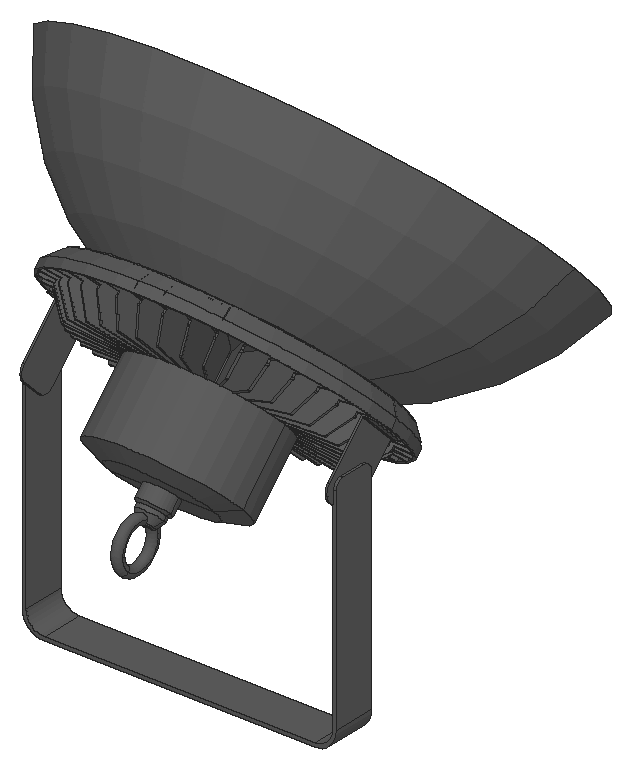
Revit family "0039362+0039353+0039357 Sylvania Lighting Fixture START HighBay IP65 DALI 13000lm 840 MB with BRACKET and ALU SHADE BLACK COLOR FOR 13 19KLM", category Lighting Fixtures, host Face, Revit 2016
Family settings
  Host = Face
  Part Type = Normal
  Round Connector Dimension = Use Diameter
  OmniClass Number = 23.80.70.00
  OmniClass Title = Lighting
  Cut with Voids When Loaded = No
  Light Source = No
  Shared = No
  Room Calculation Point = No
Parameters (values of type "0039362+0039353+0039357  START HighBay IP65 DALI 13000lm 840 MB with BRACKET and ALU SHADE BLACK COLOR FOR 13/19KLM")
  Weight = "3.0 kg"
  Wattage Comments = ""
  WarrantyStartDate [instance] = "n/a"
  WarrantyGuarantorParts = "n/a"
  WarrantyDurationUnit = "n/a"
  WarrantyDurationParts = "n/a"
  WarrantyDescription = "n/a"
  Voltage = 0 V
  URL = "http://www.sylvania-lighting.com"
  TypeName = "START HighBay IP65 DALI 13000lm 840 MB with BRACKET and ALU SHADE BLACK COLOR FOR 13/19KLM"
  TypeHead_FEILO = Start LED Highbay DALI Head : 0039362+0039353+0039357 START HighBay IP65 DALI 13000lm 840 MB with BRACKET and ALU SHADE BLACK COLOR FOR 13/19KLM
  Type Image = <None>
  Type Comments = "n/a"
  TiltAngle_FEILO [instance] = 45.00°
  ThicknessBracketPlate_FEILO = 3 mm
  SizeBracketS_FEILO = yes
  SizeBracketM_FEILO = no
  SerialNumber [instance] = "n/a"
  RadiusBracketTop_FEILO = 7 mm
  RadiusBendOut_FEILO = if(SizeBracketS_FEILO, 18 mm, if(SizeBracketM_FEILO, 24 mm, 28 mm))  # 18 mm
  RadiusBendIn_FEILO = RadiusBendOut_FEILO - ThicknessBracketPlate_FEILO  # 15 mm
  Material_3_FEILO = none
  PowerFactor = 0.95
  PowerConsumption = "90 W"
  NominalLength = 270 mm
  NominalHeight = 175 mm
  NominalDepth = 270 mm
  Name = "START HighBay IP65 DALI 13000lm 840 MB with BRACKET and ALU SHADE BLACK COLOR FOR 13/19KLM"
  ModelReference = Name  # "START HighBay IP65 DALI 13000lm 840 MB with BRACKET and ALU SHADE BLACK COLOR FOR 13/19KLM"
  ModelNumber = "0039362+0039353+0039357"
  Model = Name  # "START HighBay IP65 DALI 13000lm 840 MB with BRACKET and ALU SHADE BLACK COLOR FOR 13/19KLM"
  Material = "aluminium alloy housing, polycarbonate diffuser"
  ManufacturerName = "Feilo Sylvania"
  Manufacturer = "Feilo Sylvania"
  LuminousEfficacy = "130 lm/W"
  LuminaireType = ""
  LightOutputRatio = "n/a"
  LampsType = Lamp  # "LED"
  LampNominalLuminous = "11700 lm"
  LampMacAdamStep = "6"
  LampColourTemperature = "4000 K"
  LampColourRenderingIndex = "80"
  Lamp = "LED"
  Keynote = "16500"
  InstallationDate [instance] = "n/a"
  InputVoltage = "n/a"
  InputNominalFrequency = "50/60 Hz"
  IngressProtection = "IP65"
  ImpactProtectionIndex = "IK08"
  IfcExportType = "IfcLightFixtureType"
  IfcExportAs = "IfcLightFixtureType"
  ExpectedLife = 50000
  EndAngle_FEILO [instance] = TiltAngle_FEILO + 180.00°  # 225.00°
  ElectricShockClassification = "Class I"
  DurationUnit = "hours"
  DocumentationLiterature = "http://www.sylvania-lighting.com/product/en-int/products/0039362"
  DimmingControlOptions = "Dimmable"
  Material_2_FEILO = none
  Description = "START Highbay, includes 1 m cables, black aluminium housing, 11,700 Lm, 90 W, 130 Lm/W, 4000 K, drive current: 2000 mA, CRI 80, 60° beam angle, DALI dimmable, IP65, IK08, 50,000 hrs (L80/B50), (D x H) 270 x 175 mm."
  Default Elevation = 1219.2 mm
  CreatedOn = "5/15/2018"
  CreatedBy = "aron.fodor@sylvania-lighting.com"
  Cost = 0
  built-in parameter 1114216 [instance] = (empty or 0)
  ClassificationValue = "EF_70_80"
  ClassificationName = "Uniclass2015"
  Material_1_FEILO = Body-Sylvania-StartHighbay-Black
  BracketHeight_FEILO = if(SizeBracketS_FEILO, 199.5 mm, if(SizeBracketM_FEILO, 209.6 mm, 201.3 mm))  # 199.5 mm
  BracketDistanceInner_FEILO = if(SizeBracketS_FEILO, 249.4 mm, if(SizeBracketM_FEILO, 273.6 mm, 313.2 mm))  # 249.4 mm
  BarCode [instance] = "n/a"
  AssetType = "Fixed"
  AssetIdentifier [instance] = "n/a"
  Assembly Code = "D5020200"
  Apparent Load = 90 VA
  Material_4_FEILO = none
Reference planes
  plane 1 "Center (Front/Back)": y = 0
  plane 2: z = 0
  plane 3 "Center (Left/Right)": x = 0
  plane 4: x = -127.7
  plane 5: x = 127.7
  plane 6: z = 199.5
  plane 7: x = -124.7
  plane 8: z = 3
  plane 9: x = 124.7
  plane 10: y = 17.5
  plane 11: y = -17.5
  plane 12: y = -19.5
  plane 13: z = 201.5
  plane 14: y = 19.5
  plane 15: z = 190.5
Forms (mm)
  Extrusion 1, solid, material "Body-Sylvania-StartHighbay-Black" <- "Material_1_FEILO"
    sketch origin (0, 0, 0) x (1, 0, 0) y (0, 0, 1)
      loop
        line (-127.7, 199.5) -> (-127.7, 18)
        arc (-127.7, 18) -> (-122.428, 5.272) -> (-109.7, 0) r 18
        line (-109.7, 0) -> (109.7, 0)
        arc (109.7, 0) -> (122.428, 5.272) -> (127.7, 18) r 18
        line (127.7, 18) -> (127.7, 199.5) -> (124.7, 199.5) -> (124.7, 18)
        arc (124.7, 18) -> (120.307, 7.393) -> (109.7, 3) r 15
        line (109.7, 3) -> (-109.7, 3)
        arc (-109.7, 3) -> (-120.307, 7.393) -> (-124.7, 18) r 15
        line (-124.7, 18) -> (-124.7, 199.5) -> (-127.7, 199.5)
    from -17.5 to 17.5
  Extrusion 2, void
    sketch origin (0, 0, 0) x (0, 1, 0) y (0, 0, 1)
      loop
        arc (10.5, 199.5) -> (15.45, 197.45) -> (17.5, 192.5) r 7
        line (17.5, 192.5) -> (19.5, 192.5) -> (19.5, 201.5) -> (-19.5, 201.5) -> (-19.5, 192.5) -> (-17.5, 192.5)
        arc (-17.5, 192.5) -> (-15.45, 197.45) -> (-10.5, 199.5) r 7
        line (-10.5, 199.5) -> (10.5, 199.5)
    from -127.7 to 127.7
  Revolve 3, solid, not visible
    sketch origin (1223.4, -4572, 190.5) x (0, -1, 0) y (1, 0, 0)
      loop
        line (-4572, -1223.4) -> (-4591.5, -1223.4) -> (-4591.5, -1277.783) -> (-4572, -1277.783) -> (-4572, -1223.4)
      axis (-4572, -1223.4) -> (-4572, -1277.783)
    angle from 45 <- "TiltAngle_FEILO" to 225 <- "EndAngle_FEILO"
Cuts and joins
  Extrusion 2 cuts Extrusion 1
Dimensions and locks
  "BracketHeight_FEILO": plane 6 to plane 2
  equal spacing: plane 11, plane 1 "Center (Front/Back)", plane 10
  locked: plane 11 to plane 10 at 35
  equal spacing: plane 9, plane 3 "Center (Left/Right)", plane 7
  "BracketDistanceInner_FEILO": plane 9 to plane 7
  "ThicknessBracketPlate_FEILO": plane 7 to plane 4
  "ThicknessBracketPlate_FEILO": plane 8 to plane 2
  equal spacing: plane 5, plane 3 "Center (Left/Right)", plane 4
  equal spacing: plane 12, plane 1 "Center (Front/Back)", plane 14
  locked: plane 6 to plane 13 at 2
  locked: plane 12 to plane 11 at 2
  locked: plane 6 to plane 15 at 9
  "RadiusBendOut_FEILO": radius of Extrusion 1 sketch curve  (x2)
  "RadiusBendIn_FEILO": radius of Extrusion 1 sketch curve  (x2)
  "RadiusBracketTop_FEILO": radius of Extrusion 2 sketch curve  (x2)
  aligned and locked: plane 2 to host face
  aligned and locked: level to host face
  aligned and locked: Extrusion 1 sketch curve to plane 4
  aligned and locked: Extrusion 1 sketch curve to level
  aligned and locked: plane 6 to Extrusion 1 sketch curve
  aligned and locked: Extrusion 1 sketch curve to plane 6
  aligned and locked: Extrusion 1 sketch curve to plane 7
  aligned and locked: plane 9 to Extrusion 1 sketch curve
  aligned and locked: plane 8 to Extrusion 1 sketch curve
  aligned and locked: Extrusion 1 to plane 10
  aligned and locked: plane 11 to Extrusion 1
  aligned and locked: Extrusion 1 to Extrusion 2 sketch curve
  aligned and locked: plane 14 to Extrusion 2 sketch curve  (x2)
  aligned and locked: Extrusion 2 sketch curve to plane 12
  aligned and locked: plane 13 to Extrusion 2 sketch curve
  aligned and locked: plane 5 to Extrusion 2
  aligned and locked: Extrusion 2 to plane 4
  aligned and locked: Revolve 3 sketch curve to plane 1 "Center (Front/Back)"
  aligned and locked: Revolve 3 sketch curve to Revolve 3 sketch curve
  aligned and locked: plane 3 "Center (Left/Right)" to Revolve 3 sketch curve
  aligned and locked: Revolve 3 sketch curve to plane 14
  aligned and locked: nested 1 to plane 3 "Center (Left/Right)"
Automatic sketch dimensions
  host sketch curve to host sketch curve = 2438.4 mm  (x2)
  Revolve 3 sketch curve to Revolve 3 sketch curve = 54.383 mm
  Revolve 3 sketch curve to plane 4 = 1396.3 mm
  plane 5 to Revolve 3 sketch curve = 1396.3 mm
  Extrusion 1 sketch curve to Extrusion 1 sketch curve = 0 mm
  Extrusion 2 sketch curve to plane 11 = 0 mm
  Extrusion 2 sketch curve to plane 10 = 0 mm
Nested families
  nested 1: "Start LED Highbay DALI Head" at (0, 0, 190.5) x (-1, 0, 0) z (0, 0.7071, 0.7071), type <- "TypeHead_FEILO", type "0039362+0039353+0039357 START HighBay IP65 DALI 13000lm 840 MB with BRACKET and ALU SHADE BLACK COLOR FOR 13/19KLM"
    with built-in parameter 1114216 (empty or 0)
Connectors
  electrical at (0, 0, 0), driven by "Apparent Load", driven by "PowerFactor", driven by "Voltage"
    settings: index 1, voltage 0 V, apparent load 90 VA, apparent load phase1 0 VA, apparent load phase2 0 VA, apparent load phase3 0 VA, power factor 0.95, load classification "Lighting", number of poles 1, system type 30, power factor state 1, is connector primary yes, connector utility no, sub classification motor no, connector description ""
Definition of nested family "Start LED Highbay DALI Head"
  Parameters (values of type "0039367+0039355+0039361 START HighBay IP65 DALI 26000lm 840 WB with BRACKET and PC LAMPSHADE TRANSPARENT FOR 26KLM")
    X_FEILO = if(SizeS_FEILO, 60.3 mm, if(SizeM_FEILO, 70.4 mm, 83.5 mm))  # 83.5 mm
    WidthStraight_FEILO = if(SizeS_FEILO, 3 mm, if(SizeM_FEILO, 4 mm, 4.7 mm))  # 4.7 mm
    WidthRingChamfer_FEILO = if(SizeS_FEILO, 10.3 mm, if(SizeM_FEILO, 11.2 mm, 12.9 mm))  # 12.9 mm
    WidthCurved_FEILO = if(SizeS_FEILO, 17.4 mm, if(SizeM_FEILO, 16.4 mm, 26.2 mm))  # 26.2 mm
    WidthCurvedRing_FEILO = if(SizeS_FEILO, 3 mm, if(SizeM_FEILO, 4 mm, 4.7 mm))  # 4.7 mm
    WidthBracket_FEILO = 40 mm
    Wattage Comments = ""
    Wattage = 190 W
    built-in parameter 1150110 = 1 (stored number, unit not read)
    URL = "http://www.sylvania-lighting.com"
    Type Image = (empty or 0)
    Type Comments = "n/a"
    built-in parameter 1114217 = 1 (stored number, unit not read)
    Tilt Angle = -90.00°
    ThicknessWall_FEILO = 1.5 mm
    ThicknessBracket_FEILO = 1.5 mm
    ThicknessBracketHalf_FEILO = ThicknessBracket_FEILO / 2  # 0.75 mm
    built-in parameter 1150109 = 1 (stored number, unit not read)
    built-in parameter 1150134 = 1
    built-in parameter 1150113 = 1 (stored number, unit not read)
    SizeS_FEILO = no
    SizeM_FEILO = no
    ShadeThickness_FEILO = 3 mm
    ShadeSizeSM_FEILO = or(SizeS_FEILO, SizeM_FEILO)  # no
    ShadeRadiusOut_FEILO = 205 mm
    ShadeRadiusIn_FEILO = if(ShadeSizeSM_FEILO, 95 mm, 121 mm)  # 121 mm
    ShadeRadiusBend_FEILO = if(ShadeSizeSM_FEILO, 210 mm, 210 mm)  # 210 mm
    ShadeOn_FEILO = yes
    ShadeHeight_FEILO = if(ShadeSizeSM_FEILO, 120 mm, 151 mm)  # 151 mm
    Rib4_FEILO = if(SizeS_FEILO, 18.1 mm, if(SizeM_FEILO, 13.6 mm, 14.6 mm))  # 14.6 mm
    Rib3_FEILO = if(SizeS_FEILO, 15.3 mm, if(SizeM_FEILO, 17.6 mm, 20.2 mm))  # 20.2 mm
    Rib2_FEILO = if(SizeS_FEILO, 3.6 mm, if(SizeM_FEILO, 3.9 mm, 4.5 mm))  # 4.5 mm
    Rib1_FEILO = if(SizeS_FEILO, 15.1 mm, if(SizeM_FEILO, 16.5 mm, 19 mm))  # 19 mm
    RadiusDiffuser_FEILO = if(SizeS_FEILO, 95.2 mm, if(SizeM_FEILO, 105.3 mm, 120 mm))  # 120 mm
    RadiusArrayPost_FEILO = DriverRadius_FEILO - 6 mm  # 70.4 mm
    RHRadius3_FEILO = if(SizeS_FEILO, 6.6 mm, if(SizeM_FEILO, 7.4 mm, 8.6 mm))  # 8.6 mm
    RHRadius2_FEILO = if(SizeS_FEILO, 11 mm, if(SizeM_FEILO, 12 mm, 14 mm))  # 14 mm
    RHRadius1_FEILO = if(SizeS_FEILO, 13.6 mm, if(SizeM_FEILO, 14.9 mm, 17.7 mm))  # 17.7 mm
    RHHeight4_FEILO = if(SizeS_FEILO, 7.3 mm, if(SizeM_FEILO, 8 mm, 9.2 mm))  # 9.2 mm
    RHHeight3_FEILO = if(SizeS_FEILO, 3.6 mm, if(SizeM_FEILO, 3.7 mm, 4.6 mm))  # 4.6 mm
    RHHeight2_FEILO = if(SizeS_FEILO, 2 mm, if(SizeM_FEILO, 2.2 mm, 2.6 mm))  # 2.6 mm
    RHHeight1_FEILO = if(SizeS_FEILO, 11.8 mm, if(SizeM_FEILO, 15.3 mm, 17.4 mm))  # 17.4 mm
    Photometric Web File = "0039367+0039361.ies"
    Material_5_FEILO = none
    Material_3_FEILO = none
    Model = "START HighBay IP65 DALI 26000lm 840 WB with BRACKET and PC LAMPSHADE TRANSPARENT FOR 26KLM"
    Manufacturer = "Feilo Sylvania"
    built-in parameter 1150105 = 33385.3 (stored number, unit not read)
    Lumens = 24700 lm
    built-in parameter 1150115 = 1 (stored number, unit not read)
    built-in parameter 1150137 = (empty or 0)
    built-in parameter 1150139 = (empty or 0)
    built-in parameter 1150112 = 1 (stored number, unit not read)
    built-in parameter 1150114 = 1 (stored number, unit not read)
    Lamp = "LED"
    Keynote = "16500"
    built-in parameter 1150132 = (empty or 0)
    built-in parameter 1150102 = (empty or 0)
    built-in parameter 1150107 = 6500 (stored number, unit not read)
    built-in parameter 1150138 = (empty or 0)
    built-in parameter 1150106 = 333.85 (stored number, unit not read)
    HeightRing_FEILO = if(SizeS_FEILO, 19.8 mm, if(SizeM_FEILO, 32 mm, 36.8 mm))  # 36.8 mm
    HeightRingChamfer_FEILO = if(SizeS_FEILO, 11.7 mm, if(SizeM_FEILO, 23.2 mm, 26.6 mm))  # 26.6 mm
    EyeThickness_FEILO = if(SizeS_FEILO, 8.4 mm, if(SizeM_FEILO, 9.2 mm, 10.5 mm))  # 10.5 mm
    EyeThicknessHalf_FEILO = EyeThickness_FEILO / 2  # 5.25 mm
    EyeInner_FEILO = if(SizeS_FEILO, 13.8 mm, if(SizeM_FEILO, 15.1 mm, 17.3 mm))  # 17.3 mm
    Emit from Circle Diameter = RadiusDiffuser_FEILO * 2  # 240 mm
    Emit Shape Visible in Rendering = no
    built-in parameter 1150104 = 12.077 (stored number, unit not read)
    DriverVerticalStraight_FEILO = if(SizeS_FEILO, 46.5 mm, if(SizeM_FEILO, 49.7 mm, 57 mm))  # 57 mm
    DriverVerticalChamfer_FEILO = if(SizeS_FEILO, 7.5 mm, if(SizeM_FEILO, 8.2 mm, 9.5 mm))  # 9.5 mm
    DriverRadius_FEILO = if(SizeS_FEILO, 61.4 mm, if(SizeM_FEILO, 67.2 mm, 76.4 mm))  # 76.4 mm
    DriverRadiusTop_FEILO = if(SizeS_FEILO, 42 mm, if(SizeM_FEILO, 45.3 mm, 52.4 mm))  # 52.4 mm
    DriverBottom_FEILO = if(SizeS_FEILO, 56 mm, if(SizeM_FEILO, 64.5 mm, 74 mm))  # 74 mm
    Material_2_FEILO = none
    Radius_FEILO = if(SizeS_FEILO, 135 mm, if(SizeM_FEILO, 148 mm, 169.5 mm))  # 169.5 mm
    Dimming Lamp Color Temperature Shift = (empty or 0)
    DiameterWire_FEILO = 3 mm
    DiameterWireSupport_FEILO = 10 mm
    Description = "START Highbay, includes 1 m cables, black aluminium housing, 24,700 Lm, 190 W, 130 Lm/W, 6500 K, drive current: 4100 mA, CRI 80, 90° beam angle, DALI dimmable, IP65, IK08, 50,000 hrs (L80/B50), (D x H) 339 x 189 mm."
    Default Elevation = 1219.2 mm
    Cost = 0
    Color Filter = 16777215
    built-in parameter 1114216 [instance] = (empty or 0)
    Material_1_FEILO = none
    built-in parameter 1114218 = 1 (stored number, unit not read)
    built-in parameter 1150133 = 10 (stored number, unit not read)
    Assembly Code = "D5020200"
    Apparent Load = 190 VA
    Material_4_FEILO = none
  Types (24, lengths in mm): name | X_FEILO | WidthStraight_FEILO | WidthRingChamfer_FEILO | WidthCurved_FEILO | WidthCurvedRing_FEILO | Wattage | built-in parameter 1150134 | SizeS_FEILO | SizeM_FEILO | ShadeSizeSM_FEILO | ShadeRadiusIn_FEILO | ShadeOn_FEILO | ShadeHeight_FEILO | Rib4_FEILO | Rib3_FEILO | Rib2_FEILO | Rib1_FEILO | RadiusDiffuser_FEILO | RadiusArrayPost_FEILO | RHRadius3_FEILO | RHRadius2_FEILO | RHRadius1_FEILO | RHHeight4_FEILO | RHHeight3_FEILO | RHHeight2_FEILO | RHHeight1_FEILO | Photometric Web File | Model | built-in parameter 1150105 | Lumens | built-in parameter 1150107 | built-in parameter 1150106 | HeightRing_FEILO | HeightRingChamfer_FEILO | EyeThickness_FEILO | EyeThicknessHalf_FEILO | EyeInner_FEILO | Emit from Circle Diameter | DriverVerticalStraight_FEILO | DriverVerticalChamfer_FEILO | DriverRadius_FEILO | DriverRadiusTop_FEILO | DriverBottom_FEILO | Radius_FEILO | Description | Apparent Load
    0039367+0039355+0039361 START HighBay IP65 DALI 26000lm 840 WB with BRACKET and PC LAMPSHADE TRANSPARENT FOR 26KLM | 83.5 | 4.7 | 12.9 | 26.2 | 4.7 | 190 W | 1 | no | no | no | 121 | yes | 151 | 14.6 | 20.2 | 4.5 | 19 | 120 | 70.4 | 8.6 | 14 | 17.7 | 9.2 | 4.6 | 2.6 | 17.4 | "0039367+0039361.ies" | "START HighBay IP65 DALI 26000lm 840 WB with BRACKET and PC LAMPSHADE TRANSPARENT FOR 26KLM" | 33385.3 (stored number, unit not read) | 24700 lm | 6500 (stored number, unit not read) | 333.85 (stored number, unit not read) | 36.8 | 26.6 | 10.5 | 5.25 | 17.3 | 240 | 57 | 9.5 | 76.4 | 52.4 | 74 | 169.5 | "START Highbay, includes 1 m cables, black aluminium housing, 24,700 Lm, 190 W, 130 Lm/W, 6500 K, drive current: 4100 mA, CRI 80, 90° beam angle, DALI dimmable, IP65, IK08, 50,000 hrs (L80/B50), (D x H) 339 x 189 mm." | 190 VA
    0039367+0039355+0039360 START HighBay IP65 DALI 26000lm 840 WB with BRACKET and ALU SHADE BLACK COLOR FOR 26KLM | 83.5 | 4.7 | 12.9 | 26.2 | 4.7 | 190 W | 1 | no | no | no | 121 | yes | 151 | 14.6 | 20.2 | 4.5 | 19 | 120 | 70.4 | 8.6 | 14 | 17.7 | 9.2 | 4.6 | 2.6 | 17.4 | "0039367+0039360.ies" | "START HighBay IP65 DALI 26000lm 840 WB with BRACKET and ALU SHADE BLACK COLOR FOR 26KLM" | 33569.2 (stored number, unit not read) | 24700 lm | 6500 (stored number, unit not read) | 335.69 (stored number, unit not read) | 36.8 | 26.6 | 10.5 | 5.25 | 17.3 | 240 | 57 | 9.5 | 76.4 | 52.4 | 74 | 169.5 | "START Highbay, includes 1 m cables, black aluminium housing, 24,700 Lm, 190 W, 130 Lm/W, 6500 K, drive current: 4100 mA, CRI 80, 90° beam angle, DALI dimmable, IP65, IK08, 50,000 hrs (L80/B50), (D x H) 339 x 189 mm." | 190 VA
    0039367+0039355+0039359 START HighBay IP65 DALI 26000lm 840 WB with BRACKET and ALU SHADE ALU COLOR FOR 26KLM | 83.5 | 4.7 | 12.9 | 26.2 | 4.7 | 190 W | 1 | no | no | no | 121 | yes | 151 | 14.6 | 20.2 | 4.5 | 19 | 120 | 70.4 | 8.6 | 14 | 17.7 | 9.2 | 4.6 | 2.6 | 17.4 | "0039367+0039359.ies" | "START HighBay IP65 DALI 26000lm 840 WB with BRACKET and ALU SHADE ALU COLOR FOR 26KLM" | 33569.2 (stored number, unit not read) | 24700 lm | 6500 (stored number, unit not read) | 335.69 (stored number, unit not read) | 36.8 | 26.6 | 10.5 | 5.25 | 17.3 | 240 | 57 | 9.5 | 76.4 | 52.4 | 74 | 169.5 | "START Highbay, includes 1 m cables, black aluminium housing, 24,700 Lm, 190 W, 130 Lm/W, 6500 K, drive current: 4100 mA, CRI 80, 90° beam angle, DALI dimmable, IP65, IK08, 50,000 hrs (L80/B50), (D x H) 339 x 189 mm." | 190 VA
    0039367+0039355 START HighBay IP65 DALI 26000lm 840 WB with BRACKET | 83.5 | 4.7 | 12.9 | 26.2 | 4.7 | 190 W | 1 | no | no | no | 121 | no | 151 | 14.6 | 20.2 | 4.5 | 19 | 120 | 70.4 | 8.6 | 14 | 17.7 | 9.2 | 4.6 | 2.6 | 17.4 | "0039367.ies" | "START HighBay IP65 DALI 26000lm 840 WB with BRACKET" | 13532 (stored number, unit not read) | 24700 lm | 6500 (stored number, unit not read) | 135.32 (stored number, unit not read) | 36.8 | 26.6 | 10.5 | 5.25 | 17.3 | 240 | 57 | 9.5 | 76.4 | 52.4 | 74 | 169.5 | "START Highbay, includes 1 m cables, black aluminium housing, 24,700 Lm, 190 W, 130 Lm/W, 6500 K, drive current: 4100 mA, CRI 80, 90° beam angle, DALI dimmable, IP65, IK08, 50,000 hrs (L80/B50), (D x H) 339 x 189 mm." | 190 VA
    0039366+0039354+0039358 START HighBay IP65 DALI 19000lm 840 WB with BRACKET and PC LAMPSHADE TRANSPARENT 13/19KLM | 70.4 | 4 | 11.2 | 16.4 | 4 | 150 W | 1 | no | yes | yes | 95 | yes | 120 | 13.6 | 17.6 | 3.9 | 16.5 | 105.3 | 61.2 | 7.4 | 12 | 14.9 | 8 | 3.7 | 2.2 | 15.3 | "0039366+0039358.ies" | "START HighBay IP65 DALI 19000lm 840 WB with BRACKET and PC LAMPSHADE TRANSPARENT 13/19KLM" | 26356.9 (stored number, unit not read) | 19500 lm | 6500 (stored number, unit not read) | 263.57 (stored number, unit not read) | 32 | 23.2 | 9.2 | 4.6 | 15.1 | 210.6 | 49.7 | 8.2 | 67.2 | 45.3 | 64.5 | 148 | "START Highbay, includes 1 m cables, black aluminium housing, 19,500 Lm, 150 W, 130 Lm/W, 6500 K, drive current: 3300 mA, CRI 80, 90° beam angle, DALI dimmable, IP65, IK08, 50,000 hrs (L80/B50), (D x H) 296 x 172 mm." | 150 VA
    0039366+0039354+0039357 START HighBay IP65 DALI 19000lm 840 WB with BRACKET and ALU SHADE BLACK COLOR FOR 13/19KLM | 70.4 | 4 | 11.2 | 16.4 | 4 | 150 W | 1 | no | yes | yes | 95 | yes | 120 | 13.6 | 17.6 | 3.9 | 16.5 | 105.3 | 61.2 | 7.4 | 12 | 14.9 | 8 | 3.7 | 2.2 | 15.3 | "0039366+0039357.ies" | "START HighBay IP65 DALI 19000lm 840 WB with BRACKET and ALU SHADE BLACK COLOR FOR 13/19KLM" | 26502 (stored number, unit not read) | 19500 lm | 6500 (stored number, unit not read) | 265.02 (stored number, unit not read) | 32 | 23.2 | 9.2 | 4.6 | 15.1 | 210.6 | 49.7 | 8.2 | 67.2 | 45.3 | 64.5 | 148 | "START Highbay, includes 1 m cables, black aluminium housing, 19,500 Lm, 150 W, 130 Lm/W, 6500 K, drive current: 3300 mA, CRI 80, 90° beam angle, DALI dimmable, IP65, IK08, 50,000 hrs (L80/B50), (D x H) 296 x 172 mm." | 150 VA
    0039366+0039354+0039356 START HighBay IP65 DALI 19000lm 840 WB with BRACKET and ALU SHADE ALU COLOR FOR 13/19KLM | 70.4 | 4 | 11.2 | 16.4 | 4 | 150 W | 1 | no | yes | yes | 95 | yes | 120 | 13.6 | 17.6 | 3.9 | 16.5 | 105.3 | 61.2 | 7.4 | 12 | 14.9 | 8 | 3.7 | 2.2 | 15.3 | "0039366+0039356.ies" | "START HighBay IP65 DALI 19000lm 840 WB with BRACKET and ALU SHADE ALU COLOR FOR 13/19KLM" | 26502 (stored number, unit not read) | 19500 lm | 6500 (stored number, unit not read) | 265.02 (stored number, unit not read) | 32 | 23.2 | 9.2 | 4.6 | 15.1 | 210.6 | 49.7 | 8.2 | 67.2 | 45.3 | 64.5 | 148 | "START Highbay, includes 1 m cables, black aluminium housing, 19,500 Lm, 150 W, 130 Lm/W, 6500 K, drive current: 3300 mA, CRI 80, 90° beam angle, DALI dimmable, IP65, IK08, 50,000 hrs (L80/B50), (D x H) 296 x 172 mm." | 150 VA
    0039366+0039354 START HighBay IP65 DALI 19000lm 840 WB with BRACKET | 70.4 | 4 | 11.2 | 16.4 | 4 | 150 W | 1 | no | yes | yes | 95 | no | 120 | 13.6 | 17.6 | 3.9 | 16.5 | 105.3 | 61.2 | 7.4 | 12 | 14.9 | 8 | 3.7 | 2.2 | 15.3 | "0039366.ies" | "START HighBay IP65 DALI 19000lm 840 WB with BRACKET" | 10981.5 (stored number, unit not read) | 19500 lm | 6500 (stored number, unit not read) | 109.82 (stored number, unit not read) | 32 | 23.2 | 9.2 | 4.6 | 15.1 | 210.6 | 49.7 | 8.2 | 67.2 | 45.3 | 64.5 | 148 | "START Highbay, includes 1 m cables, black aluminium housing, 19,500 Lm, 150 W, 130 Lm/W, 6500 K, drive current: 3300 mA, CRI 80, 90° beam angle, DALI dimmable, IP65, IK08, 50,000 hrs (L80/B50), (D x H) 296 x 172 mm." | 150 VA
    0039365+0039353+0039358 START HighBay IP65 DALI 13000lm 840 WB with BRACKET and PC LAMPSHADE TRANSPARENT 13/19KLM | 60.3 | 3 | 10.3 | 17.4 | 3 | 90 W | 1 | yes | no | yes | 95 | yes | 120 | 18.1 | 15.3 | 3.6 | 15.1 | 95.2 | 55.4 | 6.6 | 11 | 13.6 | 7.3 | 3.6 | 2 | 11.8 | "0039365+0039358.ies" | "START HighBay IP65 DALI 13000lm 840 WB with BRACKET and PC LAMPSHADE TRANSPARENT 13/19KLM" | 15814.1 (stored number, unit not read) | 11700 lm | 6500 (stored number, unit not read) | 158.14 (stored number, unit not read) | 19.8 | 11.7 | 8.4 | 4.2 | 13.8 | 190.4 | 46.5 | 7.5 | 61.4 | 42 | 56 | 135 | "START Highbay, includes 1 m cables, black aluminium housing, 11,700 Lm, 90 W, 130 Lm/W, 6500 K, drive current: 2000 mA, CRI 80, 90° beam angle, DALI dimmable, IP65, IK08, 50,000 hrs (L80/B50), (D x H) 270 x 175 mm." | 90 VA
    0039365+0039353+0039357 START HighBay IP65 DALI 13000lm 840 WB with BRACKET and ALU SHADE BLACK COLOR FOR 13/19KLM | 60.3 | 3 | 10.3 | 17.4 | 3 | 90 W | 1 | yes | no | yes | 95 | yes | 120 | 18.1 | 15.3 | 3.6 | 15.1 | 95.2 | 55.4 | 6.6 | 11 | 13.6 | 7.3 | 3.6 | 2 | 11.8 | "0039365+0039357.ies" | "START HighBay IP65 DALI 13000lm 840 WB with BRACKET and ALU SHADE BLACK COLOR FOR 13/19KLM" | 15901.2 (stored number, unit not read) | 11700 lm | 6500 (stored number, unit not read) | 159.01 (stored number, unit not read) | 19.8 | 11.7 | 8.4 | 4.2 | 13.8 | 190.4 | 46.5 | 7.5 | 61.4 | 42 | 56 | 135 | "START Highbay, includes 1 m cables, black aluminium housing, 11,700 Lm, 90 W, 130 Lm/W, 6500 K, drive current: 2000 mA, CRI 80, 90° beam angle, DALI dimmable, IP65, IK08, 50,000 hrs (L80/B50), (D x H) 270 x 175 mm." | 90 VA
    0039365+0039353+0039356 START HighBay IP65 DALI 13000lm 840 WB with BRACKET and ALU SHADE ALU COLOR FOR 13/19KLM | 60.3 | 3 | 10.3 | 17.4 | 3 | 90 W | 1 | yes | no | yes | 95 | yes | 120 | 18.1 | 15.3 | 3.6 | 15.1 | 95.2 | 55.4 | 6.6 | 11 | 13.6 | 7.3 | 3.6 | 2 | 11.8 | "0039365+0039356.ies" | "START HighBay IP65 DALI 13000lm 840 WB with BRACKET and ALU SHADE ALU COLOR FOR 13/19KLM" | 15901.2 (stored number, unit not read) | 11700 lm | 6500 (stored number, unit not read) | 159.01 (stored number, unit not read) | 19.8 | 11.7 | 8.4 | 4.2 | 13.8 | 190.4 | 46.5 | 7.5 | 61.4 | 42 | 56 | 135 | "START Highbay, includes 1 m cables, black aluminium housing, 11,700 Lm, 90 W, 130 Lm/W, 6500 K, drive current: 2000 mA, CRI 80, 90° beam angle, DALI dimmable, IP65, IK08, 50,000 hrs (L80/B50), (D x H) 270 x 175 mm." | 90 VA
    0039365+0039353 START HighBay IP65 DALI 13000lm 840 WB with BRACKET | 60.3 | 3 | 10.3 | 17.4 | 3 | 90 W | 1 | yes | no | yes | 95 | no | 120 | 18.1 | 15.3 | 3.6 | 15.1 | 95.2 | 55.4 | 6.6 | 11 | 13.6 | 7.3 | 3.6 | 2 | 11.8 | "0039365.ies" | "START HighBay IP65 DALI 13000lm 840 WB with BRACKET" | 6365.5 (stored number, unit not read) | 11700 lm | 6500 (stored number, unit not read) | 63.655 (stored number, unit not read) | 19.8 | 11.7 | 8.4 | 4.2 | 13.8 | 190.4 | 46.5 | 7.5 | 61.4 | 42 | 56 | 135 | "START Highbay, includes 1 m cables, black aluminium housing, 11,700 Lm, 90 W, 130 Lm/W, 6500 K, drive current: 2000 mA, CRI 80, 90° beam angle, DALI dimmable, IP65, IK08, 50,000 hrs (L80/B50), (D x H) 270 x 175 mm." | 90 VA
    0039364+0039355+0039361 START HighBay IP65 DALI 26000lm 840 MB with BRACKET and PC LAMPSHADE TRANSPARENT FOR 26KLM | 83.5 | 4.7 | 12.9 | 26.2 | 4.7 | 190 W | 12 | no | no | no | 121 | yes | 151 | 14.6 | 20.2 | 4.5 | 19 | 120 | 70.4 | 8.6 | 14 | 17.7 | 9.2 | 4.6 | 2.6 | 17.4 | "0039364+0039361.ies" | "START HighBay IP65 DALI 26000lm 840 MB with BRACKET and PC LAMPSHADE TRANSPARENT FOR 26KLM" | 33385.3 (stored number, unit not read) | 24700 lm | 4000 (stored number, unit not read) | 333.85 (stored number, unit not read) | 36.8 | 26.6 | 10.5 | 5.25 | 17.3 | 240 | 57 | 9.5 | 76.4 | 52.4 | 74 | 169.5 | "START Highbay, includes 1 m cables, black aluminium housing, 24,700 Lm, 190 W, 130 Lm/W, 4000 K, drive current: 4100 mA, CRI 80, 60° beam angle, DALI dimmable, IP65, IK08, 50,000 hrs (L80/B50), (D x H) 339 x 189 mm." | 190 VA
    0039364+0039355+0039360 START HighBay IP65 DALI 26000lm 840 MB with BRACKET and ALU SHADE BLACK COLOR FOR 26KLM | 83.5 | 4.7 | 12.9 | 26.2 | 4.7 | 190 W | 12 | no | no | no | 121 | yes | 151 | 14.6 | 20.2 | 4.5 | 19 | 120 | 70.4 | 8.6 | 14 | 17.7 | 9.2 | 4.6 | 2.6 | 17.4 | "0039364+0039360.ies" | "START HighBay IP65 DALI 26000lm 840 MB with BRACKET and ALU SHADE BLACK COLOR FOR 26KLM" | 33569.2 (stored number, unit not read) | 24700 lm | 4000 (stored number, unit not read) | 335.69 (stored number, unit not read) | 36.8 | 26.6 | 10.5 | 5.25 | 17.3 | 240 | 57 | 9.5 | 76.4 | 52.4 | 74 | 169.5 | "START Highbay, includes 1 m cables, black aluminium housing, 24,700 Lm, 190 W, 130 Lm/W, 4000 K, drive current: 4100 mA, CRI 80, 60° beam angle, DALI dimmable, IP65, IK08, 50,000 hrs (L80/B50), (D x H) 339 x 189 mm." | 190 VA
    0039364+0039355+0039359 START HighBay IP65 DALI 26000lm 840 MB with BRACKET and ALU SHADE ALU COLOR FOR 26KLM | 83.5 | 4.7 | 12.9 | 26.2 | 4.7 | 190 W | 12 | no | no | no | 121 | yes | 151 | 14.6 | 20.2 | 4.5 | 19 | 120 | 70.4 | 8.6 | 14 | 17.7 | 9.2 | 4.6 | 2.6 | 17.4 | "0039364+0039359.ies" | "START HighBay IP65 DALI 26000lm 840 MB with BRACKET and ALU SHADE ALU COLOR FOR 26KLM" | 33569.2 (stored number, unit not read) | 24700 lm | 4000 (stored number, unit not read) | 335.69 (stored number, unit not read) | 36.8 | 26.6 | 10.5 | 5.25 | 17.3 | 240 | 57 | 9.5 | 76.4 | 52.4 | 74 | 169.5 | "START Highbay, includes 1 m cables, black aluminium housing, 24,700 Lm, 190 W, 130 Lm/W, 4000 K, drive current: 4100 mA, CRI 80, 60° beam angle, DALI dimmable, IP65, IK08, 50,000 hrs (L80/B50), (D x H) 339 x 189 mm." | 190 VA
    0039364+0039355 START HighBay IP65 DALI 26000lm 840 MB with BRACKET | 83.5 | 4.7 | 12.9 | 26.2 | 4.7 | 190 W | 12 | no | no | no | 121 | no | 151 | 14.6 | 20.2 | 4.5 | 19 | 120 | 70.4 | 8.6 | 14 | 17.7 | 9.2 | 4.6 | 2.6 | 17.4 | "0039364.ies" | "START HighBay IP65 DALI 26000lm 840 MB with BRACKET" | 26901.8 (stored number, unit not read) | 24700 lm | 4000 (stored number, unit not read) | 269.02 (stored number, unit not read) | 36.8 | 26.6 | 10.5 | 5.25 | 17.3 | 240 | 57 | 9.5 | 76.4 | 52.4 | 74 | 169.5 | "START Highbay, includes 1 m cables, black aluminium housing, 24,700 Lm, 190 W, 130 Lm/W, 4000 K, drive current: 4100 mA, CRI 80, 60° beam angle, DALI dimmable, IP65, IK08, 50,000 hrs (L80/B50), (D x H) 339 x 189 mm." | 190 VA
    0039363+0039354+0039358 START HighBay IP65 DALI 19000lm 840 MB with BRACKET and PC LAMPSHADE TRANSPARENT 13/19KLM | 70.4 | 4 | 11.2 | 16.4 | 4 | 150 W | 12 | no | yes | yes | 95 | yes | 120 | 13.6 | 17.6 | 3.9 | 16.5 | 105.3 | 61.2 | 7.4 | 12 | 14.9 | 8 | 3.7 | 2.2 | 15.3 | "0039363+0039358.ies" | "START HighBay IP65 DALI 19000lm 840 MB with BRACKET and PC LAMPSHADE TRANSPARENT 13/19KLM" | 26356.9 (stored number, unit not read) | 19500 lm | 4000 (stored number, unit not read) | 263.57 (stored number, unit not read) | 32 | 23.2 | 9.2 | 4.6 | 15.1 | 210.6 | 49.7 | 8.2 | 67.2 | 45.3 | 64.5 | 148 | "START Highbay, includes 1 m cables, black aluminium housing, 19,500 Lm, 150 W, 130 Lm/W, 4000 K, drive current: 3300 mA, CRI 80, 60° beam angle, DALI dimmable, IP65, IK08, 50,000 hrs (L80/B50), (D x H) 296 x 172 mm." | 150 VA
    0039363+0039354+0039357 START HighBay IP65 DALI 19000lm 840 MB with BRACKET and ALU SHADE BLACK COLOR FOR 13/19KLM | 70.4 | 4 | 11.2 | 16.4 | 4 | 150 W | 12 | no | yes | yes | 95 | yes | 120 | 13.6 | 17.6 | 3.9 | 16.5 | 105.3 | 61.2 | 7.4 | 12 | 14.9 | 8 | 3.7 | 2.2 | 15.3 | "0039363+0039357.ies" | "START HighBay IP65 DALI 19000lm 840 MB with BRACKET and ALU SHADE BLACK COLOR FOR 13/19KLM" | 26502 (stored number, unit not read) | 19500 lm | 4000 (stored number, unit not read) | 265.02 (stored number, unit not read) | 32 | 23.2 | 9.2 | 4.6 | 15.1 | 210.6 | 49.7 | 8.2 | 67.2 | 45.3 | 64.5 | 148 | "START Highbay, includes 1 m cables, black aluminium housing, 19,500 Lm, 150 W, 130 Lm/W, 4000 K, drive current: 3300 mA, CRI 80, 60° beam angle, DALI dimmable, IP65, IK08, 50,000 hrs (L80/B50), (D x H) 296 x 172 mm." | 150 VA
    0039363+0039354+0039356 START HighBay IP65 DALI 19000lm 840 MB with BRACKET and ALU SHADE ALU COLOR FOR 13/19KLM | 70.4 | 4 | 11.2 | 16.4 | 4 | 150 W | 12 | no | yes | yes | 95 | yes | 120 | 13.6 | 17.6 | 3.9 | 16.5 | 105.3 | 61.2 | 7.4 | 12 | 14.9 | 8 | 3.7 | 2.2 | 15.3 | "0039363+0039356.ies" | "START HighBay IP65 DALI 19000lm 840 MB with BRACKET and ALU SHADE ALU COLOR FOR 13/19KLM" | 26502 (stored number, unit not read) | 19500 lm | 4000 (stored number, unit not read) | 265.02 (stored number, unit not read) | 32 | 23.2 | 9.2 | 4.6 | 15.1 | 210.6 | 49.7 | 8.2 | 67.2 | 45.3 | 64.5 | 148 | "START Highbay, includes 1 m cables, black aluminium housing, 19,500 Lm, 150 W, 130 Lm/W, 4000 K, drive current: 3300 mA, CRI 80, 60° beam angle, DALI dimmable, IP65, IK08, 50,000 hrs (L80/B50), (D x H) 296 x 172 mm." | 150 VA
    0039363+0039354 START HighBay IP65 DALI 19000lm 840 MB with BRACKET | 70.4 | 4 | 11.2 | 16.4 | 4 | 150 W | 12 | no | yes | yes | 95 | no | 120 | 13.6 | 17.6 | 3.9 | 16.5 | 105.3 | 61.2 | 7.4 | 12 | 14.9 | 8 | 3.7 | 2.2 | 15.3 | "0039363.ies" | "START HighBay IP65 DALI 19000lm 840 MB with BRACKET" | 22125.4 (stored number, unit not read) | 19500 lm | 4000 (stored number, unit not read) | 221.25 (stored number, unit not read) | 32 | 23.2 | 9.2 | 4.6 | 15.1 | 210.6 | 49.7 | 8.2 | 67.2 | 45.3 | 64.5 | 148 | "START Highbay, includes 1 m cables, black aluminium housing, 19,500 Lm, 150 W, 130 Lm/W, 4000 K, drive current: 3300 mA, CRI 80, 60° beam angle, DALI dimmable, IP65, IK08, 50,000 hrs (L80/B50), (D x H) 296 x 172 mm." | 150 VA
    0039362+0039353+0039358 START HighBay IP65 DALI 13000lm 840 MB with BRACKET and PC LAMPSHADE TRANSPARENT 13/19KLM | 60.3 | 3 | 10.3 | 17.4 | 3 | 90 W | 12 | yes | no | yes | 95 | yes | 120 | 18.1 | 15.3 | 3.6 | 15.1 | 95.2 | 55.4 | 6.6 | 11 | 13.6 | 7.3 | 3.6 | 2 | 11.8 | "0039362+0039358.ies" | "START HighBay IP65 DALI 13000lm 840 MB with BRACKET and PC LAMPSHADE TRANSPARENT 13/19KLM" | 15814.1 (stored number, unit not read) | 11700 lm | 4000 (stored number, unit not read) | 158.14 (stored number, unit not read) | 19.8 | 11.7 | 8.4 | 4.2 | 13.8 | 190.4 | 46.5 | 7.5 | 61.4 | 42 | 56 | 135 | "START Highbay, includes 1 m cables, black aluminium housing, 11,700 Lm, 90 W, 130 Lm/W, 4000 K, drive current: 2000 mA, CRI 80, 60° beam angle, DALI dimmable, IP65, IK08, 50,000 hrs (L80/B50), (D x H) 270 x 175 mm." | 90 VA
    0039362+0039353+0039357 START HighBay IP65 DALI 13000lm 840 MB with BRACKET and ALU SHADE BLACK COLOR FOR 13/19KLM | 60.3 | 3 | 10.3 | 17.4 | 3 | 90 W | 12 | yes | no | yes | 95 | yes | 120 | 18.1 | 15.3 | 3.6 | 15.1 | 95.2 | 55.4 | 6.6 | 11 | 13.6 | 7.3 | 3.6 | 2 | 11.8 | "0039362+0039357.ies" | "START HighBay IP65 DALI 13000lm 840 MB with BRACKET and ALU SHADE BLACK COLOR FOR 13/19KLM" | 15901.2 (stored number, unit not read) | 11700 lm | 4000 (stored number, unit not read) | 159.01 (stored number, unit not read) | 19.8 | 11.7 | 8.4 | 4.2 | 13.8 | 190.4 | 46.5 | 7.5 | 61.4 | 42 | 56 | 135 | "START Highbay, includes 1 m cables, black aluminium housing, 11,700 Lm, 90 W, 130 Lm/W, 4000 K, drive current: 2000 mA, CRI 80, 60° beam angle, DALI dimmable, IP65, IK08, 50,000 hrs (L80/B50), (D x H) 270 x 175 mm." | 90 VA
    0039362+0039353+0039356 START HighBay IP65 DALI 13000lm 840 MB with BRACKET and ALU SHADE ALU COLOR FOR 13/19KLM | 60.3 | 3 | 10.3 | 17.4 | 3 | 90 W | 12 | yes | no | yes | 95 | yes | 120 | 18.1 | 15.3 | 3.6 | 15.1 | 95.2 | 55.4 | 6.6 | 11 | 13.6 | 7.3 | 3.6 | 2 | 11.8 | "0039362+0039356.ies" | "START HighBay IP65 DALI 13000lm 840 MB with BRACKET and ALU SHADE ALU COLOR FOR 13/19KLM" | 15901.2 (stored number, unit not read) | 11700 lm | 4000 (stored number, unit not read) | 159.01 (stored number, unit not read) | 19.8 | 11.7 | 8.4 | 4.2 | 13.8 | 190.4 | 46.5 | 7.5 | 61.4 | 42 | 56 | 135 | "START Highbay, includes 1 m cables, black aluminium housing, 11,700 Lm, 90 W, 130 Lm/W, 4000 K, drive current: 2000 mA, CRI 80, 60° beam angle, DALI dimmable, IP65, IK08, 50,000 hrs (L80/B50), (D x H) 270 x 175 mm." | 90 VA
    0039362+0039353 START HighBay IP65 DALI 13000lm 840 MB with BRACKET | 60.3 | 3 | 10.3 | 17.4 | 3 | 90 W | 12 | yes | no | yes | 95 | no | 120 | 18.1 | 15.3 | 3.6 | 15.1 | 95.2 | 55.4 | 6.6 | 11 | 13.6 | 7.3 | 3.6 | 2 | 11.8 | "0039362.ies" | "START HighBay IP65 DALI 13000lm 840 MB with BRACKET" | 13336.9 (stored number, unit not read) | 11700 lm | 4000 (stored number, unit not read) | 133.37 (stored number, unit not read) | 19.8 | 11.7 | 8.4 | 4.2 | 13.8 | 190.4 | 46.5 | 7.5 | 61.4 | 42 | 56 | 135 | "START Highbay, includes 1 m cables, black aluminium housing, 11,700 Lm, 90 W, 130 Lm/W, 4000 K, drive current: 2000 mA, CRI 80, 60° beam angle, DALI dimmable, IP65, IK08, 50,000 hrs (L80/B50), (D x H) 270 x 175 mm." | 90 VA
  Reference planes
    plane 1 "Center (Front/Back)": y = 0
    plane 2: z = 0
    plane 3 "Center (Left/Right)": x = 0
    plane 4: z = 83.5
    plane 5: x = -169.5
    plane 6: x = -156.6
    plane 7: z = 56.9
    plane 8: z = 46.7
    plane 9: x = -151.9
    plane 10: z = 80.875
    plane 11: x = -125.7
    plane 12: x = -120
    plane 13: x = -147.2
    plane 14: z = 81.875
    plane 15: z = 79.875
    plane 16: x = -117
    plane 17: z = 78.875
    plane 18: x = -168
    plane 19: x = -150.5
    plane 20: z = 42.2
    plane 21: x = -130.3
    plane 22: z = 27.6
    plane 23: x = -20
    plane 24: z = 9.5
    plane 25: x = -76.4
    plane 26: z = -47.5
    plane 27: x = -52.4
    plane 28: z = -57
    plane 29: x = -17.7
    plane 30: z = -74.4
    plane 31: z = -77
    plane 32: x = -14
    plane 33: z = -81.6
    plane 34: z = -90.8
    plane 35: x = -8.6
    plane 36: z = -108.1
    plane 37: z = -125.4
    plane 38: x = 5.25
    plane 39: x = -5.25
    plane 40: z = -135.9
    plane 41: z = -130.65
    plane 42: x = -162.3
    plane 43: x = -167
    plane 44: z = 45.2
    plane 45: x = -155.1
    plane 46: z = -19
    plane 47: y = -20
    plane 48: y = 20
    plane 49: x = 169.5
    plane 50: x = 156.6
    plane 51: x = 168
    plane 52: x = 162.3
    plane 53: x = 167
    plane 54: x = 155.1
    plane 55: x = -205
    plane 56: z = 234.5
    plane 57: x = -121
    plane 58: x = -113
    plane 59: x = -202
    plane 60: z = 86.5
  Forms (mm)
    Extrusion 1, solid
      sketch origin (4.2, 0, 0) x (1, 0, 0) y (0, 1, 0)
        loop
          line (-1219.2, 1219.2) -> (-1219.2, -1219.2) -> (1219.2, -1219.2) -> (1219.2, 1219.2) -> (-1219.2, 1219.2)
      from 0 to -68.017
    Revolve 2, solid, material <- "Material_1_FEILO", detail levels medium+fine
      sketch origin (0, 0, 0) x (1, 0, 0) y (0, 0, 1)
        loop
          line (-169.5, 46.7) -> (-168, 46.7) -> (-168, 56.555) -> (-156.206, 80.875) -> (-147.2, 80.875) -> (-147.2, 82.637)
          arc (-147.2, 82.637) -> (-149.554, 83.047) -> (-151.9, 83.5) r 132.063
          line (-151.9, 83.5) -> (-156.141, 83.5)
          arc (-156.141, 83.5) -> (-156.63, 83.326) -> (-156.899, 82.883) r 0.774
          line (-156.899, 82.883) -> (-169.5, 56.9) -> (-169.5, 46.7)
        axis (0, 83.5) -> (0, 46.7)
      angle from 360 to 0
    Revolve 3, solid, material <- "Material_1_FEILO", detail levels medium+fine
      sketch origin (0, 0, 0) x (1, 0, 0) y (0, 0, 1)
        loop
          line (-125.7, 78.875) -> (-120, 78.875) -> (-120, 56.9) -> (0, 56.9) -> (0, 78.875) -> (-117, 78.875) -> (-117, 79.875) -> (-120, 79.875) -> (-120, 80.875) -> (-125.7, 80.875) -> (-125.7, 78.875)
        axis (0, 80.875) -> (0, 56.9)
      angle from 360 to 0
    Revolve 4, solid, material <- "Material_2_FEILO", detail levels medium+fine
      sketch origin (0, 0, 0) x (1, 0, 0) y (0, 0, 1)
        loop
          line (-120, 79.875) -> (0, 79.875) -> (0, 81.875) -> (-120, 81.875) -> (-120, 79.875)
        axis (0, 81.875) -> (0, 79.875)
      angle from 360 to 0
    Revolve 5, solid, material <- "Material_1_FEILO"
      sketch origin (0, 0, 0) x (1, 0, 0) y (0, 0, 1)
        loop
          line (-76.4, 27.6) -> (-76.4, -47.5) -> (-52.4, -57) -> (-17.7, -57) -> (-17.7, -74.4) -> (-14, -77) -> (-14, -81.6) -> (-9.037, -90.074)
          arc (-9.037, -90.074) -> (-8.49, -90.606) -> (-7.753, -90.8) r 1.5
          line (-7.753, -90.8) -> (0, -90.8) -> (0, 27.6) -> (-76.4, 27.6)
        axis (0, 27.6) -> (0, -90.8)
      angle from 360 to 0
    Revolve 6, solid, material <- "Material_1_FEILO"
      sketch origin (0, 0, 0) x (1, 0, 0) y (0, 0, 1)
        loop
          circle (0, -130.65) r 5.25
        axis (5.25, -108.1) -> (-5.25, -108.1)
      angle from 360 to 0
    Extrusion 7, solid, material <- "Material_1_FEILO"
      sketch origin (0, 0, 0) x (1, 0, 0) y (0, 0, 1)
        loop
          line (-167, 46.7) -> (-167, 45.2) -> (-157.35, 45.2)
          arc (-157.35, 45.2) -> (-156.82, 44.98) -> (-156.6, 44.45) r 0.75
          line (-156.6, 44.45) -> (-156.6, -19) -> (-155.1, -19) -> (-155.1, 45.2)
          arc (-155.1, 45.2) -> (-155.539, 46.261) -> (-156.6, 46.7) r 1.5
          line (-156.6, 46.7) -> (-167, 46.7)
        loop
          line (167, 46.7) -> (156.6, 46.7)
          arc (156.6, 46.7) -> (155.539, 46.261) -> (155.1, 45.2) r 1.5
          line (155.1, 45.2) -> (155.1, -19) -> (156.6, -19) -> (156.6, 44.45)
          arc (156.6, 44.45) -> (156.82, 44.98) -> (157.35, 45.2) r 0.75
          line (157.35, 45.2) -> (167, 45.2) -> (167, 46.7)
      from -20 to 20
    Extrusion 8, void
      sketch origin (0, 0, 0) x (0, 1, 0) y (0, 0, 1)
        loop
          arc (-10, -19) -> (-17.071, -16.071) -> (-20, -9) r 10
          line (-20, -9) -> (-25, -9) -> (-25, -24) -> (-10, -24) -> (-10, -19)
        loop
          line (10, -19) -> (10, -24) -> (25, -24) -> (25, -9) -> (20, -9)
          arc (20, -9) -> (17.071, -16.071) -> (10, -19) r 10
      from -156.6 to 156.6
    Revolve 9, solid, material <- "Material_1_FEILO", detail levels coarse
      sketch origin (0, 0, 0) x (1, 0, 0) y (0, 0, 1)
        loop
          line (0, 83.5) -> (-156.6, 83.5) -> (-169.5, 56.9) -> (-169.5, 46.7) -> (-150.5, 46.7) -> (-150.5, 42.2) -> (-130.3, 27.6) -> (0, 27.6) -> (0, 83.5)
        axis (0, 83.5) -> (0, 27.6)
      angle from 360 to 0
    Revolve 10, solid, material <- "Material_4_FEILO", visible <- "ShadeOn_FEILO"
      sketch origin (0, 0, 0) x (1, 0, 0) y (0, 0, 1)
        loop
          line (-121, 83.5) -> (-113, 83.5) -> (-113, 86.5) -> (-120.341, 86.5)
          arc (-120.341, 86.5) -> (-177.055, 151.769) -> (-202.193, 234.5) r 207.203
          line (-202.193, 234.5) -> (-205, 234.5)
          arc (-205, 234.5) -> (-179.25, 149.96) -> (-121, 83.5) r 210
        axis (0, 234.5) -> (0, 83.5)
      angle from 360 to 0
  Cuts and joins
    Extrusion 8 cuts Extrusion 7
  Lines and regions (mm)
    reference lines
      curve 1: line (-169.5, 0, 56.9) -> (-156.6, 0, 83.5)
      curve 2: line (-125.7, 0, 80.875) -> (0, 0, 80.875)
      curve 3: arc (-125.7, 0, 80.875) -> (-138.866, 0, 81.533) -> (-151.9, 0, 83.5) r 132.063
      curve 4: line (-156.6, 0, 83.5) -> (-151.9, 0, 83.5)
      curve 5: line (-156.206, 0, 80.875) -> (-168, 0, 56.555)
      curve 6: line (-150.5, 0, 42.2) -> (-130.3, 0, 27.6)
      curve 7: line (-14, 0, -81.6) -> (-8.6, 0, -90.8)
      curve 8: circle (0, 0, -130.65) r 5.25 normal (0, -1, 0)
      curve 9: arc (-121, 0, 83.5) -> (-179.25, 0, 149.96) -> (-205, 0, 234.5) r 210
  Dimensions and locks
    "Radius_FEILO": plane 3 "Center (Left/Right)" to plane 5
    "WidthRingChamfer_FEILO": plane 6 to plane 5
    "WidthStraight_FEILO": plane 9 to plane 6
    "WidthCurvedRing_FEILO": plane 13 to plane 9
    locked: plane 10 to plane 15 at 1
    locked: plane 14 to plane 10 at 1
    locked: plane 4 to plane 10 at 2.625
    locked: plane 15 to plane 17 at 1
    "ThicknessWall_FEILO": plane 18 to plane 5
    "ThicknessWall_FEILO": curve 5 to curve 1
    "HeightRingChamfer_FEILO": plane 4 to plane 7
    "HeightRing_FEILO": plane 4 to plane 8
    "RadiusDiffuser_FEILO": plane 3 "Center (Left/Right)" to plane 12
    locked: plane 16 to plane 12 at 3
    "WidthCurved_FEILO": plane 11 to plane 9
    "X_FEILO": plane 4 to plane 2
    "Rib1_FEILO": plane 19 to plane 5
    "Rib2_FEILO": plane 8 to plane 20
    "Rib3_FEILO": plane 21 to plane 19
    "Rib4_FEILO": plane 20 to plane 22
    locked: plane 3 "Center (Left/Right)" to plane 23 at 20
    "DriverBottom_FEILO": plane 4 to plane 24
    "DriverRadius_FEILO": plane 3 "Center (Left/Right)" to plane 25
    "DriverVerticalStraight_FEILO": plane 24 to plane 26
    "DriverRadiusTop_FEILO": plane 3 "Center (Left/Right)" to plane 27
    "DriverVerticalChamfer_FEILO": plane 26 to plane 28
    "RHRadius1_FEILO": plane 3 "Center (Left/Right)" to plane 29
    "RHHeight2_FEILO": plane 30 to plane 31
    "RHRadius2_FEILO": plane 3 "Center (Left/Right)" to plane 32
    "RHHeight3_FEILO": plane 31 to plane 33
    "RHHeight4_FEILO": plane 33 to plane 34
    "RHRadius3_FEILO": plane 3 "Center (Left/Right)" to plane 35
    "RHHeight1_FEILO": plane 28 to plane 30
    "EyeInner_FEILO": plane 34 to plane 36
    "EyeInner_FEILO": plane 36 to plane 37
    equal spacing: plane 38, plane 3 "Center (Left/Right)", plane 39
    "EyeThickness_FEILO": plane 38 to plane 39
    "EyeThickness_FEILO": plane 37 to plane 40
    equal spacing: plane 37, plane 41, plane 40
    equal spacing: plane 6, plane 42, plane 18
    "ThicknessBracket_FEILO": plane 45 to plane 6
    "ThicknessBracket_FEILO": plane 8 to plane 44
    locked: plane 43 to plane 18 at 1
    equal spacing: plane 24, plane 46, plane 26
    equal spacing: plane 47, plane 1 "Center (Front/Back)", plane 48
    "WidthBracket_FEILO": plane 47 to plane 48
    "WidthRingChamfer_FEILO": plane 50 to plane 49
    "ThicknessWall_FEILO": plane 51 to plane 49
    equal spacing: plane 50, plane 52, plane 51
    "ThicknessBracket_FEILO": plane 54 to plane 50
    locked: plane 53 to plane 51 at 1
    "Radius_FEILO": plane 49 to plane 3 "Center (Left/Right)"
    "ShadeRadiusOut_FEILO": plane 3 "Center (Left/Right)" to plane 55
    "ShadeHeight_FEILO": plane 56 to plane 4
    "ShadeRadiusIn_FEILO": plane 3 "Center (Left/Right)" to plane 57
    locked: plane 58 to plane 57 at 8
    "ShadeThickness_FEILO": plane 60 to plane 4
    "ShadeThickness_FEILO": plane 59 to plane 55
    "EyeThicknessHalf_FEILO": radius of curve 8
    "ThicknessBracket_FEILO": radius of Extrusion 7 sketch curve  (x2)
    "ThicknessBracketHalf_FEILO": radius of Extrusion 7 sketch curve  (x2)
    "ShadeRadiusBend_FEILO": radius of curve 9
    aligned and locked: plane 2 to Extrusion 1
    aligned and locked: level to Extrusion 1
    aligned and locked: plane 5 to curve 1
    aligned and locked: plane 6 to curve 1
    aligned and locked: plane 7 to curve 1
    aligned and locked: plane 10 to curve 2
    aligned and locked: plane 9 to curve 3
    aligned and locked: plane 4 to curve 3
    aligned and locked: plane 11 to curve 3
    aligned and locked: plane 4 to curve 4
    aligned and locked: plane 18 to curve 5
    aligned and locked: plane 10 to curve 5
    aligned and locked: Revolve 2 sketch curve to plane 3 "Center (Left/Right)"
    aligned and locked: Revolve 2 sketch curve to curve 3
    aligned and locked: Revolve 2 sketch curve to curve 1
    aligned and locked: plane 4 to Revolve 2 sketch curve
    aligned and locked: plane 9 to Revolve 2 sketch curve
    aligned and locked: Revolve 2 sketch curve to plane 13
    aligned and locked: Revolve 2 sketch curve to plane 10
    aligned and locked: plane 13 to Revolve 2 sketch curve
    aligned and locked: plane 10 to Revolve 2 sketch curve
    aligned and locked: Revolve 2 sketch curve to plane 18
    aligned and locked: Revolve 2 sketch curve to plane 8
    aligned and locked: plane 5 to Revolve 2 sketch curve  (x2)
    aligned and locked: Revolve 3 sketch curve to plane 3 "Center (Left/Right)"
    aligned and locked: plane 11 to Revolve 3 sketch curve
    aligned and locked: Revolve 3 sketch curve to curve 2
    aligned and locked: plane 15 to Revolve 3 sketch curve
    aligned and locked: Revolve 3 sketch curve to plane 16
    aligned and locked: plane 17 to Revolve 3 sketch curve  (x2)
    aligned and locked: Revolve 3 sketch curve to plane 12
    aligned and locked: plane 7 to Revolve 3 sketch curve
    aligned and locked: Revolve 4 sketch curve to plane 3 "Center (Left/Right)"
    aligned and locked: Revolve 4 sketch curve to plane 14
    aligned and locked: plane 3 "Center (Left/Right)" to Revolve 4 sketch curve
    aligned and locked: Revolve 4 sketch curve to plane 12
    aligned and locked: plane 15 to Revolve 4 sketch curve
    aligned and locked: Revolve 2 sketch curve to curve 5
    aligned and locked: plane 22 to curve 6
    aligned and locked: plane 21 to curve 6
    aligned and locked: plane 20 to curve 6
    aligned and locked: plane 19 to curve 6
    aligned and locked: plane 33 to curve 7
    aligned and locked: plane 32 to curve 7
    aligned and locked: plane 35 to curve 7
    aligned and locked: plane 34 to curve 7
    aligned and locked: Revolve 5 sketch curve to plane 3 "Center (Left/Right)"
    aligned and locked: Revolve 5 sketch curve to plane 25
    aligned and locked: plane 27 to Revolve 5 sketch curve
    aligned and locked: plane 28 to Revolve 5 sketch curve
    aligned and locked: plane 30 to Revolve 5 sketch curve
    aligned and locked: Revolve 5 sketch curve to plane 29
    aligned and locked: plane 31 to Revolve 5 sketch curve
    aligned and locked: Revolve 5 sketch curve to curve 7
    aligned and locked: Revolve 5 sketch curve to plane 32
    aligned and locked: plane 34 to Revolve 5 sketch curve
    aligned and locked: plane 3 "Center (Left/Right)" to Revolve 5 sketch curve
    aligned and locked: plane 3 "Center (Left/Right)" to curve 8
    aligned and locked: plane 41 to curve 8
    aligned and locked: Revolve 6 sketch curve to plane 36
    aligned and locked: Revolve 6 sketch curve to curve 8
    aligned and locked: plane 43 to Extrusion 7 sketch curve  (x2)
    aligned and locked: plane 8 to Extrusion 7 sketch curve  (x3)
    aligned and locked: Extrusion 7 sketch curve to plane 45
    aligned and locked: Extrusion 7 sketch curve to plane 46  (x2)
    aligned and locked: plane 6 to Extrusion 7 sketch curve
    aligned and locked: Extrusion 7 sketch curve to plane 44  (x2)
    aligned and locked: Extrusion 7 to plane 48
    aligned and locked: plane 47 to Extrusion 7
    aligned and locked: plane 53 to Extrusion 7 sketch curve
    aligned and locked: plane 50 to Extrusion 7 sketch curve
    aligned and locked: Extrusion 7 sketch curve to plane 54
    aligned and locked: Extrusion 8 sketch curve to Extrusion 8 sketch curve
    aligned and locked: Extrusion 8 to plane 6
    aligned and locked: Extrusion 8 to Extrusion 7
    aligned and locked: Revolve 5 sketch curve to plane 22
    aligned and locked: plane 23 to nested 1
    aligned and locked: plane 1 "Center (Front/Back)" to nested 1
    aligned and locked: Revolve 9 sketch curve to plane 3 "Center (Left/Right)"
    aligned and locked: Revolve 9 sketch curve to plane 4
    aligned and locked: plane 6 to Revolve 9 sketch curve
    aligned and locked: plane 4 to Revolve 9 sketch curve
    aligned and locked: plane 7 to Revolve 9 sketch curve
    aligned and locked: Revolve 9 sketch curve to plane 5
    aligned and locked: plane 8 to Revolve 9 sketch curve  (x2)
    aligned and locked: Revolve 9 sketch curve to plane 19
    aligned and locked: plane 20 to Revolve 9 sketch curve
    aligned and locked: plane 19 to Revolve 9 sketch curve
    aligned and locked: plane 21 to Revolve 9 sketch curve
    aligned and locked: plane 22 to Revolve 9 sketch curve  (x2)
    aligned and locked: Revolve 9 sketch curve to Revolve 9 sketch curve
    aligned and locked: imposter light to plane 4
    aligned and locked: plane 3 "Center (Left/Right)" to imposter light
    aligned and locked: imposter light to plane 1 "Center (Front/Back)"
    aligned and locked: plane 55 to curve 9
    aligned and locked: plane 56 to curve 9
    aligned and locked: plane 57 to curve 9
    aligned and locked: plane 4 to curve 9
    aligned and locked: Revolve 10 sketch curve to curve 9
    aligned and locked: plane 58 to Revolve 10 sketch curve
    aligned and locked: plane 57 to Revolve 10 sketch curve
    aligned and locked: plane 56 to Revolve 10 sketch curve  (x2)
    aligned and locked: Revolve 10 sketch curve to plane 58
    aligned and locked: plane 60 to Revolve 10 sketch curve
  Automatic sketch dimensions
    Extrusion 1 sketch curve to Extrusion 1 sketch curve = 2438.4 mm  (x2)
    Revolve 2 sketch curve to plane 6 = 0.299 mm
    plane 6 to Revolve 2 sketch curve = 0.459 mm
    Revolve 2 sketch curve to level = 609.6 mm
    Revolve 2 sketch curve to Revolve 2 sketch curve = 2312.223 mm
    Revolve 3 sketch curve to plane 12 = 0 mm
    Revolve 3 sketch curve to plane 3 "Center (Left/Right)" = 0 mm
    Revolve 3 sketch curve to level = 609.6 mm
    Revolve 3 sketch curve to plane 4 = 2339.058 mm
    Revolve 4 sketch curve to level = 609.6 mm
    Revolve 4 sketch curve to plane 4 = 2339.058 mm
    Revolve 6 sketch curve to plane 5 = 1080 mm
    plane 38 to Revolve 6 sketch curve = 1219.2 mm
    Extrusion 8 sketch curve to plane 47 = 0 mm
    plane 46 to Extrusion 8 sketch curve = 0 mm  (x2)
    Extrusion 8 sketch curve to plane 48 = 0 mm
    plane 47 to Extrusion 8 sketch curve = 5 mm
    plane 1 "Center (Front/Back)" to Extrusion 8 sketch curve = 10 mm
    Extrusion 8 sketch curve to Extrusion 8 sketch curve = 10 mm
    plane 46 to Extrusion 8 sketch curve = 5 mm
    Extrusion 8 sketch curve to Extrusion 8 sketch curve = 5 mm
    Extrusion 8 sketch curve to plane 48 = 5 mm
    Revolve 5 sketch curve to plane 26 = 0 mm
    Revolve 5 sketch curve to plane 35 = 0.437 mm
    plane 35 to Revolve 5 sketch curve = 0.847 mm
    Revolve 5 sketch curve to plane 34 = 0.726 mm
    plane 40 to Revolve 5 sketch curve = 590.2 mm
    Revolve 5 sketch curve to plane 4 = 2339.058 mm
    Revolve 9 sketch curve to level = 609.6 mm
    Revolve 9 sketch curve to Revolve 9 sketch curve = 2386.058 mm
    curve 2 to plane 3 "Center (Left/Right)" = 0 mm
    Revolve 10 sketch curve to Revolve 10 sketch curve = 0 mm  (x2)
    Revolve 10 sketch curve to plane 3 "Center (Left/Right)" = 0 mm
    plane 57 to Revolve 10 sketch curve = 0.659 mm
    Revolve 10 sketch curve to level = 609.6 mm
    Revolve 10 sketch curve to Revolve 10 sketch curve = 2068.248 mm
  Nested families
    nested 1: "Start Highbay Rib" at (0, 0, 80.875), type "Type Name", detail levels medium+fine
      with SuspensionHeight_FEILO 2.6 mm
    nested 2: "Start Highbay Rib" at (0, 0, 80.875) x (0.9877, 0.1564, 0) z (0, 0, 1), type "Type Name", detail levels medium+fine
      with SuspensionHeight_FEILO 2.6 mm
    nested 3: "Start Highbay Rib" at (0, 0, 80.875) x (0.9511, 0.309, 0) z (0, 0, 1), type "Type Name", detail levels medium+fine
      with SuspensionHeight_FEILO 2.6 mm
    nested 4: "Start Highbay Rib" at (0, 0, 80.875) x (0.891, 0.454, 0) z (0, 0, 1), type "Type Name", detail levels medium+fine
      with SuspensionHeight_FEILO 2.6 mm
    nested 5: "Start Highbay Rib" at (0, 0, 80.875) x (0.809, 0.5878, 0) z (0, 0, 1), type "Type Name", detail levels medium+fine
      with SuspensionHeight_FEILO 2.6 mm
